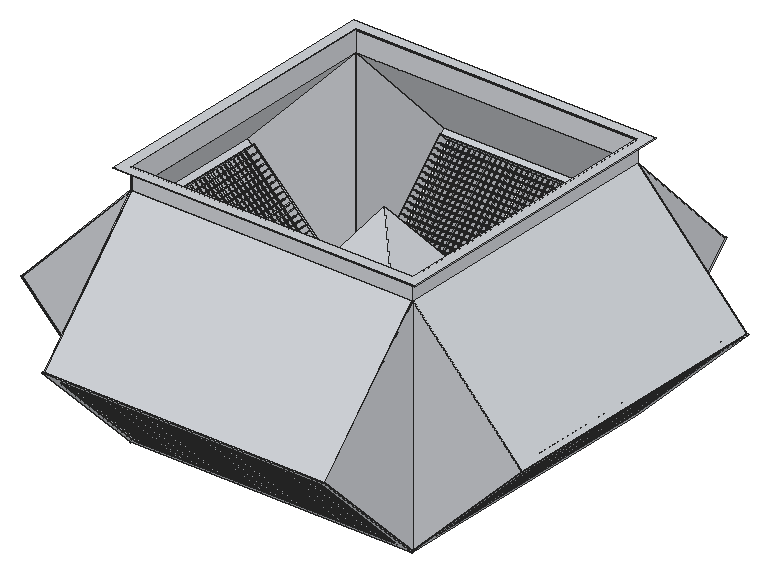
Revit family "AFPD", category Mechanical Equipment, Revit 2015
Parameters (values of type "AFPD-3820-40 (16000 cfm)")
  Y [instance] = F * (sin(45.00°))  # 1' - 3.55635"
  X [instance] = F * (cos(45.00°))  # 1' - 3.55635"
  URL = "https://unitedenertech.com/catalog/pdf/H_5%20AFPD.pdf"
  Type Comments = "Consult Factory for Max. Sizes"
  T = 3' - 4"
  Model = "AFPD"
  Manufacturer = "United Enertech Corporation"
  Height = 2' - 8"
  Grille Length = 3' - 2"
  Grille Height = 1' - 8"
  F = 1' - 10"
  Description = "Angle Face Plenum Diffuser"
Types (17): name | Y | X | T | Height | Grille Length | Grille Height | F
  (no name) | 1' - 3.55635" | 1' - 3.55635" | 3' - 4" | 2' - 8" | 3' - 2" | 1' - 8" | 1' - 10"
  AFPD-1408-5 (2000 cfm) | 0' - 7.07107" | 0' - 7.07107" | 1' - 4" | 1' - 2" | 1' - 2" | 0' - 8" | 0' - 10"
  AFPD-1608-6 (2400 cfm) | 0' - 7.07107" | 0' - 7.07107" | 1' - 6" | 1' - 2" | 1' - 4" | 0' - 8" | 0' - 10"
  AFPD-2008-7.5 (3000 cfm) | 0' - 7.07107" | 0' - 7.07107" | 1' - 10" | 1' - 2" | 1' - 8" | 0' - 8" | 0' - 10"
  AFPD-2010-8.5 (3400 cfm) | 0' - 8.48528" | 0' - 8.48528" | 1' - 10" | 1' - 5" | 1' - 8" | 0' - 10" | 1' - 0"
  AFPD-2210-10 (4000 cfm) | 0' - 8.48528" | 0' - 8.48528" | 2' - 0" | 1' - 5" | 1' - 10" | 0' - 10" | 1' - 0"
  AFPD-2410-12.5 (5000 cfm) | 0' - 8.48528" | 0' - 8.48528" | 2' - 2" | 1' - 5" | 2' - 0" | 0' - 10" | 1' - 0"
  AFPD-2810-15 (6000 cfm) | 0' - 8.48528" | 0' - 8.48528" | 2' - 6" | 1' - 5" | 2' - 4" | 0' - 10" | 1' - 0"
  AFPD-3016-20 (8000 cfm) | 1' - 0.72792" | 1' - 0.72792" | 2' - 8" | 2' - 2" | 2' - 6" | 1' - 4" | 1' - 6"
  AFPD-3616-25 (10000 cfm) | 1' - 0.72792" | 1' - 0.72792" | 2' - 4" | 2' - 2" | 3' - 0" | 1' - 4" | 1' - 6"
  AFPD-3618-30 (12000 cfm) | 1' - 2.14214" | 1' - 2.14214" | 3' - 2" | 2' - 4" | 3' - 0" | 1' - 6" | 1' - 8"
  AFPD-3820-40 (16000 cfm) | 1' - 3.55635" | 1' - 3.55635" | 3' - 4" | 2' - 8" | 3' - 2" | 1' - 8" | 1' - 10"
  AFPD-4222-50 (20000 cfm) | 1' - 4.97056" | 1' - 4.97056" | 3' - 8" | 2' - 10" | 3' - 6" | 1' - 10" | 2' - 0"
  AFPD-4624-62.5 (25000 cfm) | 1' - 6.38478" | 1' - 6.38478" | 4' - 0" | 3' - 0" | 3' - 10" | 2' - 0" | 2' - 2"
  AFPD-7216-80 (32000 cfm) | 1' - 0.72792" | 1' - 0.72792" | 6' - 2" | 2' - 2" | 6' - 0" | 1' - 4" | 1' - 6"
  AFPD-7220-100 (40000 cfm) | 1' - 3.55635" | 1' - 3.55635" | 6' - 2" | 2' - 7" | 6' - 0" | 1' - 8" | 1' - 10"
  AFPD-7224-120 (48000 cfm) | 1' - 6.38478" | 1' - 6.38478" | 6' - 2" | 3' - 0" | 6' - 0" | 2' - 0" | 2' - 2"
Reference planes (in)
  plane 1 "Center (Front/Back)": y = 0
  plane 2: z = 0
  plane 3 "Center (Left/Right)": x = 0
  plane 4: x = -20
  plane 5: x = 20
  plane 6: y = 20
  plane 7: y = -20
  plane 8: x = -21.5
  plane 9: y = -21.5
  plane 10: x = 21.5
  plane 11: y = 21.5
  plane 12: x = -20.0359
  plane 13: y = -20.0359
  plane 14: x = 20.0359
  plane 15: y = 20.0359
  plane 16: z = 32
  plane 17: z = 35
  plane 18: z = 34.9641
  plane 19: z = 0.0359
  plane 20: x = 35.59225
  plane 21: z = 15.59225
  plane 22: x = -35.59225
  plane 23: y = -35.59225
  plane 24: y = 35.59225
  plane 25: y = 19
  plane 26: y = -19
  plane 27: x = -19
  plane 28: x = 19
  plane 29: z = 28
  plane 30: y = 0.125
  plane 31: x = -0.125
  plane 32: x = 0.125
  plane 33: y = -0.125
Forms (in)
  Extrusion 1, solid
    sketch origin (0, 0, 0) x (1, 0, 0) y (0, 1, 0)
      loop
        line (-21.5, -21.5) -> (21.5, -21.5) -> (21.5, 21.5) -> (-21.5, 21.5) -> (-21.5, -21.5)
      loop
        line (-20, -20) -> (20, -20) -> (20, 20) -> (-20, 20) -> (-20, -20)
    from 34.9641 to 35
  Extrusion 2, solid
    sketch origin (0, 0, 0) x (1, 0, 0) y (0, 1, 0)
      loop
        line (-20.0359, -20.0359) -> (20.0359, -20.0359) -> (20.0359, 20.0359) -> (-20.0359, 20.0359) -> (-20.0359, -20.0359)
      loop
        line (-20, -20) -> (20, -20) -> (20, 20) -> (-20, 20) -> (-20, -20)
    from 32 to 34.9641
  Extrusion 3, solid
    sketch origin (0, 0, 0) x (1, 0, 0) y (0, 1, 0)
      loop
        line (-20.0359, -20.0359) -> (20.0359, -20.0359) -> (20.0359, 20.0359) -> (-20.0359, 20.0359) -> (-20.0359, -20.0359)
    from 0 to 0.0359
  Extrusion 4, solid
    sketch origin (0, 0, 0) x (1, 0, 0) y (0, 0, 1)
      loop
        line (20.0359, 0.0359) -> (35.59225, 15.59225) -> (20.0359, 32) -> (20.0359, 0.0359)
    from 20 to 20.0359
  Extrusion 5, solid
    sketch origin (0, 0, 0) x (1, 0, 0) y (0, 0, 1)
      loop
        line (20.0359, 0.0359) -> (35.59225, 15.59225) -> (20.0359, 32) -> (20.0359, 0.0359)
    from -20.0359 to -20
  Extrusion 6, solid
    sketch origin (0, 0, 0) x (1, 0, 0) y (0, 0, 1)
      loop
        line (20.0359, 32) -> (20.00509, 31.97079) -> (35.56144, 15.56304) -> (35.59225, 15.59225) -> (20.0359, 32)
    from -20 to 20
  Extrusion 7, solid
    sketch origin (0, 0, 0) x (1, 0, 0) y (0, 0, 1)
      loop
        line (20.0359, 0.0359) -> (35.59225, 15.59225) -> (35.56739, 15.61711) -> (20.01104, 0.06076) -> (20.0359, 0.0359)
    from -20 to 20
  Extrusion 8, solid
    sketch origin (0, 0, 0) x (-1, 0, 0) y (0, 0, -1)
      loop
        line (20.0359, -0.0359) -> (20.0359, -32) -> (35.59225, -15.59225) -> (20.0359, -0.0359)
    from 20 to 20.0359
  Extrusion 9, solid
    sketch origin (0, 0, 0) x (-1, 0, 0) y (0, 0, -1)
      loop
        line (20.0359, -0.0359) -> (20.0359, -32) -> (35.59225, -15.59225) -> (20.0359, -0.0359)
    from -20.0359 to -20
  Extrusion 10, solid
    sketch origin (0, 0, 0) x (-1, 0, 0) y (0, 0, -1)
      loop
        line (20.0359, -32) -> (35.59225, -15.59225) -> (35.56144, -15.56304) -> (20.00509, -31.97079) -> (20.0359, -32)
    from -20 to 20
  Extrusion 11, solid
    sketch origin (0, 0, 0) x (-1, 0, 0) y (0, 0, -1)
      loop
        line (20.0359, -0.0359) -> (20.01104, -0.06076) -> (35.56739, -15.61711) -> (35.59225, -15.59225) -> (20.0359, -0.0359)
    from -20 to 20
  Extrusion 12, solid
    sketch origin (0, 0, 0) x (0, 1, 0) y (0, 0, -1)
      loop
        line (20.0359, -0.0359) -> (20.0359, -32) -> (35.59225, -15.59225) -> (20.0359, -0.0359)
    from 20 to 20.0359
  Extrusion 13, solid
    sketch origin (0, 0, 0) x (0, 1, 0) y (0, 0, -1)
      loop
        line (20.0359, -0.0359) -> (20.0359, -32) -> (35.59225, -15.59225) -> (20.0359, -0.0359)
    from -20.0359 to -20
  Extrusion 14, solid
    sketch origin (0, 0, 0) x (0, 1, 0) y (0, 0, -1)
      loop
        line (20.0359, -32) -> (35.59225, -15.59225) -> (35.56144, -15.56304) -> (20.00509, -31.97079) -> (20.0359, -32)
    from -20 to 20
  Extrusion 15, solid
    sketch origin (0, 0, 0) x (0, 1, 0) y (0, 0, -1)
      loop
        line (20.0359, -0.0359) -> (20.01104, -0.06076) -> (35.56739, -15.61711) -> (35.59225, -15.59225) -> (20.0359, -0.0359)
    from -20 to 20
  Extrusion 16, solid
    sketch origin (0, 0, 0) x (0, -1, 0) y (0, 0, 1)
      loop
        line (20.0359, 0.0359) -> (35.59225, 15.59225) -> (20.0359, 32) -> (20.0359, 0.0359)
    from 20 to 20.0359
  Extrusion 17, solid
    sketch origin (0, 0, 0) x (0, -1, 0) y (0, 0, 1)
      loop
        line (20.0359, 0.0359) -> (35.59225, 15.59225) -> (20.0359, 32) -> (20.0359, 0.0359)
    from -20.0359 to -20
  Extrusion 18, solid
    sketch origin (0, 0, 0) x (0, -1, 0) y (0, 0, 1)
      loop
        line (20.0359, 32) -> (20.00509, 31.97079) -> (35.56144, 15.56304) -> (35.59225, 15.59225) -> (20.0359, 32)
    from -20 to 20
  Extrusion 19, solid
    sketch origin (0, 0, 0) x (0, -1, 0) y (0, 0, 1)
      loop
        line (20.0359, 0.0359) -> (35.59225, 15.59225) -> (35.56739, 15.61711) -> (20.01104, 0.06076) -> (20.0359, 0.0359)
    from -20 to 20
  Extrusion 20, void
    sketch origin (0, 0, 0) x (0, 1, 0) y (0, 0, 1)
      loop
        line (14.28364, 35.76965) -> (0.1415, 49.91179) -> (-76.44054, -26.67025) -> (-62.2984, -40.81239) -> (14.28364, 35.76965)
    from -19 to 19
  Extrusion 21, void
    sketch origin (0, 0, 0) x (1, 0, 0) y (0, 0, 1)
      loop
        line (-72.13006, -22.35977) -> (-57.98792, -36.50191) -> (81.42875, 102.91476) -> (67.28661, 117.0569) -> (-72.13006, -22.35977)
    from -19 to 19
  Extrusion 22, void
    sketch origin (0, 0, 0) x (1, 0, 0) y (0, 0, 1)
      loop
        line (-67.92452, 89.41054) -> (56.80545, -35.31944) -> (70.94759, -21.1773) -> (-53.78239, 103.55267) -> (-67.92452, 89.41054)
    from -19 to 19
  Extrusion 23, void
    sketch origin (0, 0, 0) x (0, 1, 0) y (0, 0, 1)
      loop
        line (65.20659, -15.43631) -> (-74.71068, 124.48096) -> (-88.85281, 110.33883) -> (51.06446, -29.57844) -> (65.20659, -15.43631)
    from -19 to 19
  Blend 24, solid
    base sketch origin (0, 0, 0) x (1, 0, 0) y (0, 1, 0)
      loop
        line (-20, -20) -> (20, -20) -> (20, 20) -> (-20, 20) -> (-20, -20)
    top sketch origin (0, 0, 0) x (1, 0, 0) y (0, 1, 0)
      loop
        line (-0.125, -0.125) -> (0.125, -0.125) -> (0.125, 0.125) -> (-0.125, 0.125) -> (-0.125, -0.125)
    from 0.0359 to 28
Cuts and joins
  Extrusion 20 cuts Extrusion 19
  Extrusion 21 cuts Extrusion 11
  Extrusion 22 cuts Extrusion 7
  Extrusion 23 cuts Extrusion 15
Lines and regions (in)
  reference lines
    curve 1: line (20.0359, 0, 0.0359) -> (78.01866, 0, 58.01866)
    curve 2: line (20.0359, 0, 0.0359) -> (38.42068, 0, -18.34888)
    curve 3: line (35.59225, 0, 15.59225) -> (54.33058, 0, -3.14608)
    curve 4: line (19.46648, 0, 16.16167) -> (61.1699, 0, -25.54175)
    curve 5: line (-20.0359, 0, 0.0359) -> (-78.01866, 0, 58.01866)
    curve 6: line (-20.0359, 0, 0.0359) -> (-38.42068, 0, -18.34888)
    curve 7: line (-35.59225, 0, 15.59225) -> (-54.33058, 0, -3.14608)
    curve 8: line (-19.46648, 0, 16.16167) -> (-61.1699, 0, -25.54175)
    curve 9: line (0, -20.0359, 0.0359) -> (0, -110.54557, -90.47377)
    curve 10: line (0, -35.59225, 15.59225) -> (0, -126.11987, -74.93537)
    curve 11: line (0, -37.02441, -1.39626) -> (0, -152.28282, -116.65467)
    curve 12: line (0, -20.0359, 0.0359) -> (0, -109.13135, 89.13135)
    curve 13: line (0, 579.22866, 0.0359) -> (0, -442.54669, 1021.81125)
    curve 14: line (0, 35.59225, 15.59225) -> (0, 126.11987, -74.93537)
    curve 15: line (0, 37.02441, -1.39626) -> (0, 152.28282, -116.65467)
    curve 16: line (0, 20.0359, 0.0359) -> (0, 56.09835, -36.02655)
    curve 17: line (0, 20.0359, 0.0359) -> (0, 104.18161, 84.18161)
    curve 18: line (0, -20, 1.48601) -> (0, -153.59494, -132.10893)
    curve 19: line (0, -18.92232, 30.84796) -> (0, -166.32286, -116.55258)
    curve 20: line (0, 20, 1.48601) -> (0, 150.05941, -128.57339)
    curve 21: line (0, 18.92232, 30.84796) -> (0, 166.32286, -116.55258)
    curve 22: line (19.86288, 0, 1.62314) -> (104.20097, 0, -82.71496)
    curve 23: line (34.1974, 0, 15.57288) -> (118.34311, 0, -68.57282)
    curve 24: line (-19.86288, 0, 1.62314) -> (-104.20097, 0, -82.71496)
    curve 25: line (-34.1974, 0, 15.57288) -> (-118.34311, 0, -68.57282)
Dimensions and locks (in)
  equal spacing: plane 4, plane 3 "Center (Left/Right)", plane 5
  "T": plane 4 to plane 5
  equal spacing: plane 6, plane 1 "Center (Front/Back)", plane 7
  "T": plane 6 to plane 7
  locked: plane 11 to plane 6 at 1.5
  locked: plane 7 to plane 9 at 1.5
  locked: plane 8 to plane 4 at 1.5
  locked: plane 5 to plane 10 at 1.5
  locked: plane 12 to plane 4 at 0.0359
  locked: plane 5 to plane 14 at 0.0359
  locked: plane 7 to plane 13 at 0.0359
  locked: plane 15 to plane 6 at 0.0359
  "Height": plane 16 to level
  locked: plane 17 to plane 16 at 3
  locked: plane 17 to plane 18 at 0.0359
  locked: plane 19 to level at 0.0359
  "X": plane 14 to plane 20
  "Y": plane 21 to plane 19
  equal spacing: curve 2, curve 4, curve 3
  "F": curve 2 to curve 3
  equal spacing: curve 7, curve 8, curve 6
  "F": curve 7 to curve 6
  "X": plane 12 to plane 22
  "X": plane 13 to plane 23
  "X": plane 24 to plane 15
  equal spacing: curve 14, curve 15, curve 16
  "F": curve 14 to curve 16
  equal spacing: curve 9, curve 11, curve 10
  "F": curve 9 to curve 10
  equal spacing: curve 18, curve 11, curve 19
  "Grille Height": curve 18 to curve 19
  equal spacing: curve 21, curve 15, curve 20
  "Grille Height": curve 21 to curve 20
  equal spacing: curve 22, curve 4, curve 23
  "Grille Height": curve 22 to curve 23
  equal spacing: curve 25, curve 8, curve 24
  "Grille Height": curve 25 to curve 24
  equal spacing: plane 25, plane 1 "Center (Front/Back)", plane 26
  "Grille Length": plane 25 to plane 26
  equal spacing: plane 27, plane 3 "Center (Left/Right)", plane 28
  "Grille Length": plane 27 to plane 28
  locked: plane 16 to plane 29 at 4
  plane 33 to plane 1 "Center (Front/Back)" to plane 30 = 0' - 0 1/8" locked, 0' - 0 1/8" locked
  plane 31 to plane 3 "Center (Left/Right)" to plane 32 = 0' - 0 1/8" locked, 0' - 0 1/8" locked
  locked: plane 19 to curve 1 (angle 45.00°)
  locked: curve 3 to plane 21 (angle 45.00°)
  locked: curve 2 to plane 19 (angle 45.00°)
  locked: plane 21 to curve 7 (angle 45.00°)
  locked: plane 19 to curve 6 (angle 45.00°)
  locked: curve 5 to level (angle 45.00°)
  locked: curve 10 to plane 21 (angle 45.00°)
  locked: curve 9 to plane 19 (angle 45.00°)
  locked: plane 19 to curve 12 (angle 45.00°)
  locked: plane 19 to curve 13 (angle 45.00°)
  locked: plane 19 to curve 16 (angle 45.00°)
  locked: plane 21 to curve 14 (angle 45.00°)
  locked: curve 17 to plane 19 (angle 45.00°)
  aligned and locked: level to plane 2
  aligned and locked: Extrusion 1 sketch curve to plane 8
  aligned and locked: Extrusion 1 sketch curve to plane 11
  aligned and locked: Extrusion 1 sketch curve to plane 10
  aligned and locked: Extrusion 1 sketch curve to plane 9
  aligned and locked: Extrusion 1 sketch curve to plane 7
  aligned and locked: Extrusion 1 sketch curve to plane 4
  aligned and locked: plane 6 to Extrusion 1 sketch curve
  aligned and locked: Extrusion 1 sketch curve to plane 5
  aligned and locked: plane 17 to Extrusion 1
  aligned and locked: plane 18 to Extrusion 1
  aligned and locked: Extrusion 2 sketch curve to plane 12
  aligned and locked: Extrusion 2 sketch curve to plane 15
  aligned and locked: Extrusion 2 sketch curve to plane 13
  aligned and locked: Extrusion 2 sketch curve to plane 14
  aligned and locked: Extrusion 2 sketch curve to plane 5
  aligned and locked: Extrusion 2 sketch curve to plane 7
  aligned and locked: Extrusion 2 sketch curve to plane 4
  aligned and locked: plane 6 to Extrusion 2 sketch curve
  aligned and locked: Extrusion 2 to plane 18
  aligned and locked: Extrusion 2 to plane 16
  aligned and locked: Extrusion 3 sketch curve to plane 12
  aligned and locked: Extrusion 3 sketch curve to plane 13
  aligned and locked: Extrusion 3 sketch curve to plane 15
  aligned and locked: Extrusion 3 sketch curve to plane 14
  aligned and locked: Extrusion 3 to level
  aligned and locked: plane 19 to Extrusion 3
  aligned and locked: plane 14 to curve 1
  aligned and locked: plane 19 to curve 1
  aligned and locked: plane 19 to Extrusion 4 sketch curve
  aligned and locked: plane 14 to Extrusion 4 sketch curve  (x2)
  aligned and locked: plane 16 to Extrusion 4 sketch curve
  aligned and locked: plane 20 to Extrusion 4 sketch curve
  aligned and locked: plane 21 to Extrusion 4 sketch curve
  aligned and locked: Extrusion 4 to plane 13
  aligned and locked: plane 7 to Extrusion 4
  aligned and locked: Extrusion 5 to plane 15
  aligned and locked: Extrusion 5 to plane 6
  aligned and locked: plane 20 to Extrusion 6 sketch curve
  aligned and locked: plane 21 to Extrusion 6 sketch curve
  aligned and locked: plane 16 to Extrusion 6 sketch curve
  aligned and locked: plane 14 to Extrusion 6 sketch curve
  aligned and locked: Extrusion 6 to plane 6
  aligned and locked: Extrusion 6 to plane 7
  aligned and locked: plane 20 to Extrusion 7 sketch curve
  aligned and locked: plane 21 to Extrusion 7 sketch curve
  aligned and locked: plane 14 to Extrusion 7 sketch curve
  aligned and locked: plane 19 to Extrusion 7 sketch curve
  aligned and locked: Extrusion 7 to plane 6
  aligned and locked: Extrusion 7 to plane 7
  aligned and locked: plane 19 to curve 5
  aligned and locked: plane 22 to curve 7
  aligned and locked: plane 6 to Extrusion 10
  aligned and locked: Extrusion 9 to plane 6
  aligned and locked: plane 6 to Extrusion 11
  aligned and locked: Extrusion 9 to plane 15
  aligned and locked: Extrusion 10 to plane 7
  aligned and locked: plane 7 to Extrusion 8
  aligned and locked: Extrusion 11 to plane 7
  aligned and locked: Extrusion 8 to plane 13
  aligned and locked: plane 19 to curve 9
  aligned and locked: plane 13 to curve 12
  aligned and locked: curve 13 to plane 19
  aligned and locked: plane 15 to curve 16
  aligned and locked: plane 21 to curve 14
  aligned and locked: Extrusion 18 to plane 5
  aligned and locked: plane 5 to Extrusion 17
  aligned and locked: Extrusion 19 to plane 5
  aligned and locked: Extrusion 17 to plane 14
  aligned and locked: Extrusion 18 to plane 4
  aligned and locked: Extrusion 16 to plane 4
  aligned and locked: Extrusion 19 to plane 4
  aligned and locked: Extrusion 16 to plane 12
  aligned and locked: Extrusion 14 to plane 5
  aligned and locked: Extrusion 13 to plane 5
  aligned and locked: Extrusion 15 to plane 5
  aligned and locked: Extrusion 13 to plane 14
  aligned and locked: Extrusion 14 to plane 4
  aligned and locked: plane 4 to Extrusion 12
  aligned and locked: Extrusion 15 to plane 4
  aligned and locked: Extrusion 12 to plane 12
  aligned and locked: Extrusion 20 sketch curve to curve 18
  aligned and locked: Extrusion 20 sketch curve to curve 19
  aligned and locked: Extrusion 20 to plane 27
  aligned and locked: Extrusion 20 to plane 28
  aligned and locked: Extrusion 21 sketch curve to curve 25
  aligned and locked: Extrusion 21 sketch curve to curve 24
  aligned and locked: Extrusion 21 to plane 26
  aligned and locked: plane 25 to Extrusion 21
  aligned and locked: Extrusion 22 sketch curve to curve 22
  aligned and locked: Extrusion 22 sketch curve to curve 23
  aligned and locked: Extrusion 22 to plane 26
  aligned and locked: plane 25 to Extrusion 22
  aligned and locked: Extrusion 23 sketch curve to curve 21
  aligned and locked: Extrusion 23 sketch curve to curve 20
  aligned and locked: Extrusion 23 to plane 28
  aligned and locked: Extrusion 23 to plane 27
  aligned and locked: Blend 24 sketch curve to plane 4
  aligned and locked: Blend 24 sketch curve to plane 7
  aligned and locked: Blend 24 sketch curve to plane 5
  aligned and locked: plane 6 to Blend 24 sketch curve
  aligned and locked: Blend 24 sketch curve to plane 31
  aligned and locked: plane 33 to Blend 24 sketch curve
  aligned and locked: Blend 24 sketch curve to plane 32
  aligned and locked: plane 30 to Blend 24 sketch curve
  aligned and locked: Blend 24 to plane 19
  aligned and locked: plane 29 to Blend 24
  aligned and locked: plane 3 "Center (Left/Right)" to nested 1
  aligned and locked: curve 11 to nested 1  (x2)
  aligned and locked: nested 1 to curve 12
  aligned and locked: plane 1 "Center (Front/Back)" to nested 3
  aligned and locked: nested 4 to plane 1 "Center (Front/Back)"
  aligned and locked: nested 2 to plane 3 "Center (Left/Right)"
  aligned and locked: curve 15 to nested 2
  aligned and locked: curve 4 to nested 4
  aligned and locked: curve 8 to nested 3
  aligned and locked: nested 2 to curve 17
  aligned and locked: nested 4 to curve 1
  aligned and locked: nested 3 to curve 5
Automatic sketch dimensions
  plane 14 to Extrusion 5 sketch curve = 0' - 0"
  plane 20 to Extrusion 5 sketch curve = 0' - 0"
  Extrusion 5 sketch curve to plane 19 = 0' - 0"
  Extrusion 5 sketch curve to plane 21 = 0' - 0"
  Extrusion 5 sketch curve to plane 16 = 0' - 0"
  Extrusion 6 sketch curve to plane 5 = 0' - 0.00509"
  Extrusion 7 sketch curve to plane 5 = 0' - 0.01104"
  Extrusion 8 sketch curve to plane 12 = 0' - 0"
  Extrusion 8 sketch curve to plane 21 = 0' - 0"
  Extrusion 8 sketch curve to plane 22 = 0' - 0"
  Extrusion 8 sketch curve to plane 19 = 0' - 0"
  Extrusion 8 sketch curve to plane 16 = 0' - 0"
  Extrusion 9 sketch curve to plane 12 = 0' - 0"
  Extrusion 9 sketch curve to plane 21 = 0' - 0"
  Extrusion 9 sketch curve to plane 22 = 0' - 0"
  Extrusion 9 sketch curve to plane 19 = 0' - 0"
  Extrusion 9 sketch curve to plane 16 = 0' - 0"
  Extrusion 10 sketch curve to plane 12 = 0' - 0"
  Extrusion 10 sketch curve to plane 21 = 0' - 0"
  Extrusion 10 sketch curve to plane 22 = 0' - 0"
  Extrusion 10 sketch curve to plane 16 = 0' - 0"
  plane 4 to Extrusion 10 sketch curve = 0' - 0.00509"
  Extrusion 11 sketch curve to plane 12 = 0' - 0"
  Extrusion 11 sketch curve to plane 21 = 0' - 0"
  Extrusion 11 sketch curve to plane 22 = 0' - 0"
  Extrusion 11 sketch curve to plane 19 = 0' - 0"
  plane 4 to Extrusion 11 sketch curve = 0' - 0.01104"
  Extrusion 12 sketch curve to plane 15 = 0' - 0"
  Extrusion 12 sketch curve to plane 21 = 0' - 0"
  Extrusion 12 sketch curve to plane 24 = 0' - 0"
  Extrusion 12 sketch curve to plane 16 = 0' - 0"
  Extrusion 12 sketch curve to plane 19 = 0' - 0"
  Extrusion 13 sketch curve to plane 15 = 0' - 0"
  Extrusion 13 sketch curve to plane 21 = 0' - 0"
  Extrusion 13 sketch curve to plane 24 = 0' - 0"
  Extrusion 13 sketch curve to plane 16 = 0' - 0"
  Extrusion 13 sketch curve to plane 19 = 0' - 0"
  Extrusion 14 sketch curve to plane 15 = 0' - 0"
  Extrusion 14 sketch curve to plane 21 = 0' - 0"
  Extrusion 14 sketch curve to plane 24 = 0' - 0"
  Extrusion 14 sketch curve to plane 16 = 0' - 0"
  plane 6 to Extrusion 14 sketch curve = 0' - 0.00509"
  Extrusion 15 sketch curve to plane 15 = 0' - 0"
  Extrusion 15 sketch curve to plane 21 = 0' - 0"
  Extrusion 15 sketch curve to plane 24 = 0' - 0"
  Extrusion 15 sketch curve to plane 19 = 0' - 0"
  plane 6 to Extrusion 15 sketch curve = 0' - 0.01104"
  Extrusion 16 sketch curve to plane 13 = 0' - 0"
  Extrusion 16 sketch curve to plane 21 = 0' - 0"
  Extrusion 16 sketch curve to plane 23 = 0' - 0"
  Extrusion 16 sketch curve to plane 19 = 0' - 0"
  Extrusion 16 sketch curve to plane 16 = 0' - 0"
  Extrusion 17 sketch curve to plane 13 = 0' - 0"
  Extrusion 17 sketch curve to plane 21 = 0' - 0"
  Extrusion 17 sketch curve to plane 23 = 0' - 0"
  Extrusion 17 sketch curve to plane 19 = 0' - 0"
  Extrusion 17 sketch curve to plane 16 = 0' - 0"
  Extrusion 18 sketch curve to plane 13 = 0' - 0"
  Extrusion 18 sketch curve to plane 21 = 0' - 0"
  Extrusion 18 sketch curve to plane 23 = 0' - 0"
  Extrusion 18 sketch curve to plane 16 = 0' - 0"
  Extrusion 18 sketch curve to plane 7 = 0' - 0.00509"
  Extrusion 19 sketch curve to plane 13 = 0' - 0"
  Extrusion 19 sketch curve to plane 21 = 0' - 0"
  Extrusion 19 sketch curve to plane 23 = 0' - 0"
  Extrusion 19 sketch curve to plane 19 = 0' - 0"
  Extrusion 19 sketch curve to plane 7 = 0' - 0.01104"
  Extrusion 20 sketch curve to level = 3' - 4.81239"
  level to Extrusion 20 sketch curve = 4' - 1.91179"
  plane 22 to Extrusion 21 sketch curve = 8' - 6.87886"
  Extrusion 21 sketch curve to level = 1' - 10.35977"
  Extrusion 22 sketch curve to plane 20 = 1' - 9.2132"
  level to Extrusion 22 sketch curve = 8' - 7.55267"
  level to Extrusion 23 sketch curve = 10' - 4.48096"
  Extrusion 23 sketch curve to level = 1' - 3.43631"
  curve 24 to plane 22 = 5' - 8.60872"
  curve 25 to level = 5' - 8.57282"
  curve 8 to level = 2' - 1.54175"
  curve 25 to plane 21 = 0' - 0.01937"
  plane 4 to curve 24 = 0' - 0.13712"
  curve 8 to plane 27 = 0' - 0.46648"
  plane 28 to curve 4 = 0' - 0.46648"
  plane 5 to curve 22 = 0' - 0.13712"
  curve 23 to plane 21 = 0' - 0.01937"
  curve 4 to level = 2' - 1.54175"
  curve 4 to curve 22 = 3' - 7.03107"
  curve 23 to level = 5' - 8.57282"
  curve 18 to plane 7 = 0' - 0"
  curve 20 to plane 6 = 0' - 0"
  curve 11 to level = 9' - 8.65467"
  curve 18 to curve 11 = 0' - 1.31212"
  curve 19 to level = 9' - 8.55258"
  curve 13 to plane 23 = 33' - 10.95444"
  curve 11 to level = 0' - 1.39626"
  plane 26 to curve 19 = 0' - 0.07768"
  curve 21 to plane 25 = 0' - 0.07768"
  curve 15 to level = 0' - 1.39626"
  curve 14 to curve 20 = 1' - 11.93954"
  curve 15 to level = 9' - 8.65467"
  curve 21 to level = 9' - 8.55258"
Nested families (in)
  nested 1: "Double Diffuser Grille" at (0, -26.64735, 8.94545) x (1, 0, 0) z (0, -0.7071, 0.7071), type "Double Diffuser Grille"
    with Vert. Spacing 0' - 0 3/4", Vert. Number 25, Vert. Blade Height 1' - 7 5/8", Horiz. Spacing 0' - 0 3/4", Horiz. Number 13, Horiz. Blade Width 3' - 1 5/8", Grille Width 3' - 2", Grille Height 1' - 8"
  nested 2: "Double Diffuser Grille" at (0, 26.64735, 8.94545) x (1, 0, 0) z (0, 0.7071, 0.7071), type "Double Diffuser Grille"
    with Vert. Spacing 0' - 0 3/4", Vert. Number 25, Vert. Blade Height 1' - 7 5/8", Horiz. Spacing 0' - 0 3/4", Horiz. Number 13, Horiz. Blade Width 3' - 1 5/8", Grille Width 3' - 2", Grille Height 1' - 8"
  nested 3: "Double Diffuser Grille" at (-26.64735, 0, 8.94545) x (0, -1, 0) z (-0.7071, 0, 0.7071), type "Double Diffuser Grille"
    with Vert. Spacing 0' - 0 3/4", Vert. Number 25, Vert. Blade Height 1' - 7 5/8", Horiz. Spacing 0' - 0 3/4", Horiz. Number 13, Horiz. Blade Width 3' - 1 5/8", Grille Width 3' - 2", Grille Height 1' - 8"
  nested 4: "Double Diffuser Grille" at (26.64735, 0, 8.94545) x (0, -1, 0) z (0.7071, 0, 0.7071), type "Double Diffuser Grille"
    with Vert. Spacing 0' - 0 3/4", Vert. Number 25, Vert. Blade Height 1' - 7 5/8", Horiz. Spacing 0' - 0 3/4", Horiz. Number 13, Horiz. Blade Width 3' - 1 5/8", Grille Width 3' - 2", Grille Height 1' - 8"
Definition of nested family "Double Diffuser Grille"
  Parameters (values of type "Double Diffuser Grille")
    Vert. Spacing [instance] = 0' - 0 3/4"
    Vert. Number [instance] = ((Grille Width - 0' 0 1/4") / 0' 0 3/4") / 2  # 12
    Vert. Blade Height [instance] = Grille Height - 0' 0 3/8"  # 0' - 5 5/8"
    Horiz. Spacing [instance] = 0' - 0 3/4"
    Horiz. Number [instance] = ((Grille Height - 0' 0 1/4") / 0' 0 3/4") / 2  # 4
    Horiz. Blade Width [instance] = Grille Width - 0' 0 3/8"  # 1' - 5 5/8"
    Grille Width = 1' - 6"
    Grille Height = 0' - 6"
  Reference planes (in)
    plane 1 "Center (Front/Back)": y = 0
    plane 2: z = 0
    plane 3 "Center (Left/Right)": x = 0
    plane 4: y = -1.75
    plane 5: y = -1.625
    plane 6: x = -9
    plane 7: x = 9
    plane 8: z = -3
    plane 9: z = 3
    plane 10: x = -8.875
    plane 11: z = 2.875
    plane 12: z = -2.875
    plane 13: x = 8.875
    plane 14: x = 10.125
    plane 15: z = -4.125
    plane 16: z = 4.125
    plane 17: x = -10.125
    plane 18: y = -0.8125
  Forms (in)
    Extrusion 1, solid
      sketch origin (0, 0, 0) x (1, 0, 0) y (0, 0, 1)
        loop
          line (-9, -3) -> (9, -3) -> (9, 3) -> (-9, 3) -> (-9, -3)
        loop
          line (-8.875, -2.875) -> (8.875, -2.875) -> (8.875, 2.875) -> (-8.875, 2.875) -> (-8.875, -2.875)
      from 0 to 1.625
    Extrusion 2, solid
      sketch origin (0, 0, 0) x (1, 0, 0) y (0, 0, 1)
        loop
          line (-10.125, -4.125) -> (10.125, -4.125) -> (10.125, 4.125) -> (-10.125, 4.125) -> (-10.125, -4.125)
        loop
          line (-8.875, -2.875) -> (8.875, -2.875) -> (8.875, 2.875) -> (-8.875, 2.875) -> (-8.875, -2.875)
      from 1.625 to 1.75
  Dimensions and locks (in)
    locked: plane 5 to plane 4 at 0.125
    locked: plane 1 "Center (Front/Back)" to plane 5 at 1.625
    equal spacing: plane 9, level, plane 8
    "Grille Height": plane 9 to plane 8
    equal spacing: plane 6, plane 3 "Center (Left/Right)", plane 7
    "Grille Width": plane 6 to plane 7
    locked: plane 9 to plane 11 at 0.125
    locked: plane 12 to plane 8 at 0.125
    locked: plane 6 to plane 10 at 0.125
    locked: plane 7 to plane 13 at 0.125
    locked: plane 16 to plane 9 at 1.125
    locked: plane 8 to plane 15 at 1.125
    locked: plane 6 to plane 17 at 1.125
    locked: plane 14 to plane 7 at 1.125
    locked: plane 1 "Center (Front/Back)" to plane 18 at 0.8125
    equal spacing: group 1, group 2, group 4, group 5, group 6, group 7, group 8, group 9, group 10, group 11, group 12, group 13  (x3)
    "Vert. Spacing": nested 1 to nested 3
    equal spacing: group 23, group 22, group 21, group 20, group 19, group 18, group 17, group 16, group 15, group 14, group 3, group 1
    equal spacing: group 1, group 3, group 14, group 15, group 16, group 17, group 18, group 19, group 20, group 21, group 22, group 23  (x2)
    "Vert. Spacing": nested 4 to nested 1
    equal spacing: group 24, group 25, group 27, group 28  (x3)
    "Horiz. Spacing": nested 25 to nested 2
    equal spacing: group 24, group 26, group 29, group 30  (x2)
    equal spacing: group 30, group 29, group 26, group 24
    "Horiz. Spacing": nested 2 to nested 26
    aligned and locked: level to plane 2
    aligned and locked: plane 6 to Extrusion 1 sketch curve
    aligned and locked: plane 9 to Extrusion 1 sketch curve
    aligned and locked: Extrusion 1 sketch curve to plane 8
    aligned and locked: plane 7 to Extrusion 1 sketch curve
    aligned and locked: plane 13 to Extrusion 1 sketch curve
    aligned and locked: plane 12 to Extrusion 1 sketch curve
    aligned and locked: plane 10 to Extrusion 1 sketch curve
    aligned and locked: plane 11 to Extrusion 1 sketch curve
    aligned and locked: Extrusion 1 to plane 1 "Center (Front/Back)"
    aligned and locked: Extrusion 1 to plane 5
    aligned and locked: Extrusion 2 sketch curve to plane 17
    aligned and locked: plane 16 to Extrusion 2 sketch curve
    aligned and locked: Extrusion 2 sketch curve to plane 14
    aligned and locked: plane 15 to Extrusion 2 sketch curve
    aligned and locked: plane 12 to Extrusion 2 sketch curve
    aligned and locked: plane 13 to Extrusion 2 sketch curve
    aligned and locked: plane 11 to Extrusion 2 sketch curve
    aligned and locked: plane 10 to Extrusion 2 sketch curve
    aligned and locked: plane 5 to Extrusion 2
    aligned and locked: Extrusion 2 to plane 4
    aligned and locked: nested 1 to plane 5
    aligned and locked: nested 1 to plane 3 "Center (Left/Right)"
    aligned and locked: nested 2 to plane 18
    aligned and locked: plane 3 "Center (Left/Right)" to nested 2
  Nested families (in)
    nested 1: "Vertical Blade" at (-0.08237, -1.625, 0), type "Vertical Blade"
      with H 0' - 5 5/8"
    nested 2: "Horizontal Blade" at (0, -0.8125, 0), type "Horizontal Blade"
      with L 1' - 5 5/8"
    nested 3: "Vertical Blade" at (0.66763, -1.625, 0), type "Vertical Blade"
      with H 0' - 5 5/8"
    nested 4: "Vertical Blade" at (-0.83237, -1.625, 0), type "Vertical Blade"
      with H 0' - 5 5/8"
    nested 5: "Vertical Blade" at (1.41763, -1.625, 0), type "Vertical Blade"
      with H 0' - 5 5/8"
    nested 6: "Vertical Blade" at (2.16763, -1.625, 0), type "Vertical Blade"
      with H 0' - 5 5/8"
    nested 7: "Vertical Blade" at (2.91763, -1.625, 0), type "Vertical Blade"
      with H 0' - 5 5/8"
    nested 8: "Vertical Blade" at (3.66763, -1.625, 0), type "Vertical Blade"
      with H 0' - 5 5/8"
    nested 9: "Vertical Blade" at (4.41763, -1.625, 0), type "Vertical Blade"
      with H 0' - 5 5/8"
    nested 10: "Vertical Blade" at (5.16763, -1.625, 0), type "Vertical Blade"
      with H 0' - 5 5/8"
    nested 11: "Vertical Blade" at (5.91763, -1.625, 0), type "Vertical Blade"
      with H 0' - 5 5/8"
    nested 12: "Vertical Blade" at (6.66763, -1.625, 0), type "Vertical Blade"
      with H 0' - 5 5/8"
    nested 13: "Vertical Blade" at (7.41763, -1.625, 0), type "Vertical Blade"
      with H 0' - 5 5/8"
    nested 14: "Vertical Blade" at (8.16763, -1.625, 0), type "Vertical Blade"
      with H 0' - 5 5/8"
    nested 15: "Vertical Blade" at (-1.58237, -1.625, 0), type "Vertical Blade"
      with H 0' - 5 5/8"
    nested 16: "Vertical Blade" at (-2.33237, -1.625, 0), type "Vertical Blade"
      with H 0' - 5 5/8"
    nested 17: "Vertical Blade" at (-3.08237, -1.625, 0), type "Vertical Blade"
      with H 0' - 5 5/8"
    nested 18: "Vertical Blade" at (-3.83237, -1.625, 0), type "Vertical Blade"
      with H 0' - 5 5/8"
    nested 19: "Vertical Blade" at (-4.58237, -1.625, 0), type "Vertical Blade"
      with H 0' - 5 5/8"
    nested 20: "Vertical Blade" at (-5.33237, -1.625, 0), type "Vertical Blade"
      with H 0' - 5 5/8"
    nested 21: "Vertical Blade" at (-6.08237, -1.625, 0), type "Vertical Blade"
      with H 0' - 5 5/8"
    nested 22: "Vertical Blade" at (-6.83237, -1.625, 0), type "Vertical Blade"
      with H 0' - 5 5/8"
    nested 23: "Vertical Blade" at (-7.58237, -1.625, 0), type "Vertical Blade"
      with H 0' - 5 5/8"
    nested 24: "Vertical Blade" at (-8.33237, -1.625, 0), type "Vertical Blade"
      with H 0' - 5 5/8"
    nested 25: "Horizontal Blade" at (0, -0.8125, 0.75), type "Horizontal Blade"
      with L 1' - 5 5/8"
    nested 26: "Horizontal Blade" at (0, -0.8125, -0.75), type "Horizontal Blade"
      with L 1' - 5 5/8"
    nested 27: "Horizontal Blade" at (0, -0.8125, 1.5), type "Horizontal Blade"
      with L 1' - 5 5/8"
    nested 28: "Horizontal Blade" at (0, -0.8125, 2.25), type "Horizontal Blade"
      with L 1' - 5 5/8"
    nested 29: "Horizontal Blade" at (0, -0.8125, -1.5), type "Horizontal Blade"
      with L 1' - 5 5/8"
    nested 30: "Horizontal Blade" at (0, -0.8125, -2.25), type "Horizontal Blade"
      with L 1' - 5 5/8"
  Definition of nested family "Vertical Blade"
    Parameters (values of type "Vertical Blade")
      H = 2' - 0"
    Reference planes (in)
      plane 1 "Center (Front/Back)": y = 0
      plane 2: z = 0
      plane 3 "Center (Left/Right)": x = 0
      plane 4: z = 12
      plane 5: z = -12
    Forms (in)
      Extrusion 1, solid
        sketch origin (0, -0.05958, 0) x (1, 0, 0) y (0, 1, 0)
          loop
            arc (0.08237, 0.17216) -> (0.04492, 0.11716) -> (0.07825, 0.05958) r 0.0625
            line (0.07825, 0.05958) -> (0.1365, 0.05958)
            arc (0.1365, 0.05958) -> (0.16983, 0.11716) -> (0.13237, 0.17216) r 0.0625
            line (0.13237, 0.17216) -> (0.13237, 0.80238) -> (0.08237, 0.80238) -> (0.08237, 0.17216)
        from -12 to 12
    Dimensions and locks (in)
      equal spacing: plane 4, level, plane 5
      "H": plane 4 to plane 5
      aligned and locked: level to plane 2
      aligned and locked: plane 4 to Extrusion 1
      aligned and locked: Extrusion 1 to plane 5
    Automatic sketch dimensions
      Extrusion 1 sketch curve to Extrusion 1 sketch curve = 0' - 0"  (x2)
      plane 1 "Center (Front/Back)" to Extrusion 1 sketch curve = 0' - 0"
      plane 3 "Center (Left/Right)" to Extrusion 1 sketch curve = 0' - 0.07825"
      plane 3 "Center (Left/Right)" to Extrusion 1 sketch curve = 0' - 0.08237"
      Extrusion 1 sketch curve to Extrusion 1 sketch curve = 0' - 0.02912"
      Extrusion 1 sketch curve to Extrusion 1 sketch curve = 0' - 0.05"
      Extrusion 1 sketch curve to Extrusion 1 sketch curve = 0' - 0.05825"
      Extrusion 1 sketch curve to plane 1 "Center (Front/Back)" = 0' - 0.0553"
      Extrusion 1 sketch curve to Extrusion 1 sketch curve = 0' - 0.63022"
  Definition of nested family "Horizontal Blade"
    Parameters (values of type "Horizontal Blade")
      L = 3' - 0"
    Reference planes (in)
      plane 1 "Center (Front/Back)": y = 0
      plane 2: z = 0
      plane 3 "Center (Left/Right)": x = 0
      plane 4: x = -18
      plane 5: x = 18
    Forms (in)
      Extrusion 1, solid
        sketch origin (0.10737, -0.05958, -0.10737) x (0, 0, 1) y (0, 1, 0)
          loop
            arc (0.08237, 0.17216) -> (0.04492, 0.11716) -> (0.07825, 0.05958) r 0.0625
            line (0.07825, 0.05958) -> (0.1365, 0.05958)
            arc (0.1365, 0.05958) -> (0.16983, 0.11716) -> (0.13237, 0.17216) r 0.0625
            line (0.13237, 0.17216) -> (0.13237, 0.80238) -> (0.08237, 0.80238) -> (0.08237, 0.17216)
        from -17.89263 to 18.10737
    Dimensions and locks (in)
      equal spacing: plane 4, plane 3 "Center (Left/Right)", plane 5
      "L": plane 4 to plane 5
      aligned and locked: level to plane 2
      aligned and locked: plane 4 to Extrusion 1
      aligned and locked: plane 5 to Extrusion 1
    Automatic sketch dimensions
      Extrusion 1 sketch curve to Extrusion 1 sketch curve = 0' - 0"  (x2)
      Extrusion 1 sketch curve to plane 1 "Center (Front/Back)" = 0' - 0"
      Extrusion 1 sketch curve to level = 0' - 0"
      Extrusion 1 sketch curve to level = 0' - 0.025"
      Extrusion 1 sketch curve to level = 0' - 0.02912"
      level to Extrusion 1 sketch curve = 0' - 0.025"
      level to Extrusion 1 sketch curve = 0' - 0.02912"
      Extrusion 1 sketch curve to plane 1 "Center (Front/Back)" = 0' - 0.0553"
      Extrusion 1 sketch curve to Extrusion 1 sketch curve = 0' - 0.63022"
